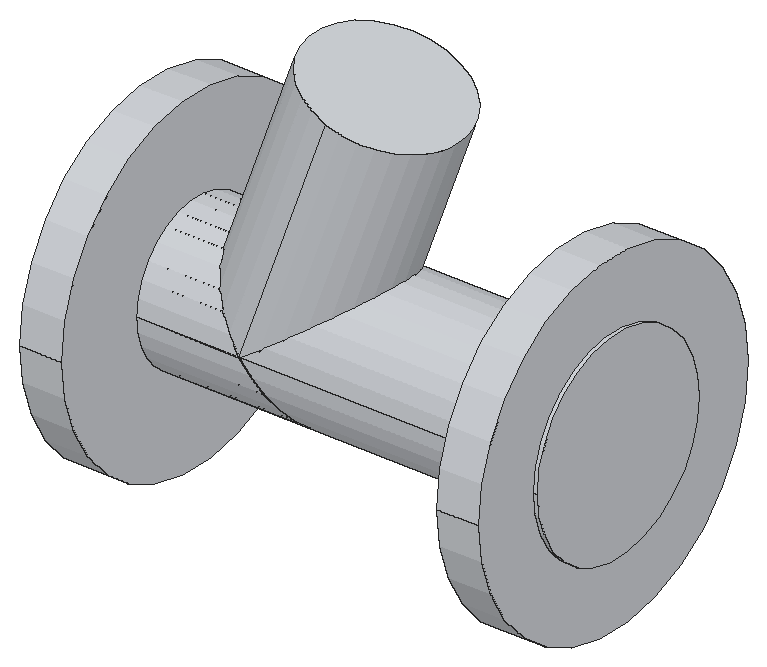
Revit family "447-DN050-RFA_2019", category Pipe Accessories, Revit 2019
Family settings
  Round Connector Dimension = Use Diameter
  Part Type = Valve - Breaks Into
  Work Plane-Based = No
  Always vertical = Yes
  Cut with Voids When Loaded = No
  Shared = No
Parameters (values of type "447-DN050")
  magiProductId = "5ed7087ff739473a8b86e2dbbe5062"
  magiProductFamilyId = "b72cb932c1b3471491e3d369876ba1"
  magiPartTypeId = 304
  isMeasuringValve [instance] = no
  ang2D [instance] = 0.00°
  X2 = 42.71 mm
  X1 = 32.2 mm
  W2D = 100 mm
  VersionID = "2.0/2017.9.26.1/ZETKAMA_447_001"
  Use Minimum Symbol Size [instance] = yes
  URL = "http://www.hydronix.cz"
  Type Comments = "přírubový; PN16; -10~+120°C"
  S = 99 mm
  QmdConnectorList = "301;D;302;D"
  Productdata [instance] = ""
  Manufacturer = "Hydronix"
  MC Product Code = "447 050 (DN50; PN16 kvs32,15)"
  MC Piping Given Pressure Drop [instance] = 0.0 Pa
  LM1 = 18.4 mm
  LM = 184 mm
  L2D_Min = 3048 mm
  L2D = 350 mm
  L2 = 115 mm
  HH1 = 117.345 mm
  FD = 165 mm
  Description = "Ruční vyvažovací ventil přírubový; DN50; PN16; kvs32,15"
  DT = 74 mm
  D = 50 mm
  CC = 2.3 mm
  CAT0 = yes
  C1 = 20.7 mm
  C = 23 mm
Types (10, lengths in mm): name | magiProductId | X2 | X1 | S | MC Product Code | LM1 | LM | L2 | HH1 | FD | Description | DT | D | CC | C1 | C
  447-DN100 | "98b46d48787042dd9a812fc0797c69" | 79.261 | 49 | 156 | "447 100 (DN100; PN16 kvs184,7)" | 28 | 280 | 175 | 217.769 | 220 | "Ruční vyvažovací ventil přírubový; DN100; PN16; kvs184,7" | 130 | 100 | 3.5 | 31.5 | 35
  447-DN125 | "02b47ccb17f74d08923d86f3fe118e" | 86.541 | 56 | 184 | "447 125 (DN125; PN16 kvs285,1)" | 32 | 320 | 200 | 237.769 | 250 | "Ruční vyvažovací ventil přírubový; DN125; PN16; kvs285,1" | 130 | 125 | 4 | 36 | 40
  447-DN150 | "7f7b5672e2b748ca8839732ddacd1d" | 95.64 | 67.2 | 211 | "447 150 (DN150; PN16 kvs390,2)" | 38.4 | 384 | 240 | 262.769 | 285 | "Ruční vyvažovací ventil přírubový; DN150; PN16; kvs390,2" | 130 | 150 | 4.8 | 43.2 | 48
  447-DN200 | "e1019e6fc9b647ceac6d31797e2f53" | 155.411 | 84 | 266 | "447 200 (DN200; PN16 kvs710)" | 48 | 480 | 300 | 426.987 | 340 | "Ruční vyvažovací ventil přírubový; DN200; PN16; kvs710" | 310 | 200 | 6 | 54 | 60
  447-DN250 | "a0eac83e29f84220b7ba68901aa49e" | 171.789 | 102.2 | 319 | "447 250 (DN250; PN16 kvs1188)" | 58.4 | 584 | 365 | 471.987 | 405 | "Ruční vyvažovací ventil přírubový; DN250; PN16; kvs1188" | 310 | 250 | 7.3 | 65.7 | 73
  447-DN300 | "476300b2e87f4f20bd49d272c44436" | 175.429 | 119 | 370 | "447 300 (DN300; PN16 kvs1504)" | 68 | 680 | 425 | 481.987 | 460 | "Ruční vyvažovací ventil přírubový; DN300; PN16; kvs1504" | 310 | 300 | 8.5 | 76.5 | 85
  447-DN040 | "1b02107dafeb4f5588628c478854c2" | 42.71 | 28 | 84 | "447 040 (DN40; PN16 kvs22,36)" | 16 | 160 | 100 | 117.345 | 150 | "Ruční vyvažovací ventil přírubový; DN40; PN16; kvs22,36" | 74 | 40 | 2 | 18 | 20
  447-DN050 | "5ed7087ff739473a8b86e2dbbe5062" | 42.71 | 32.2 | 99 | "447 050 (DN50; PN16 kvs32,15)" | 18.4 | 184 | 115 | 117.345 | 165 | "Ruční vyvažovací ventil přírubový; DN50; PN16; kvs32,15" | 74 | 50 | 2.3 | 20.7 | 23
  447-DN065 | "bd77367604f142d88050bf73c88c7b" | 71.982 | 40.6 | 118 | "447 065 (DN65; PN16 kvs88,8)" | 23.2 | 232 | 145 | 197.769 | 185 | "Ruční vyvažovací ventil přírubový; DN65; PN16; kvs88,8" | 130 | 65 | 2.9 | 26.1 | 29
  447-DN080 | "7399fcf493614c92ad9035a8ac3adf" | 71.982 | 43.4 | 132 | "447 080 (DN80; PN16 kvs113,4)" | 24.8 | 248 | 155 | 197.769 | 200 | "Ruční vyvažovací ventil přírubový; DN80; PN16; kvs113,4" | 130 | 80 | 3.1 | 27.9 | 31
Reference planes
  plane 1 "Center (Front/Back)": y = 0
  plane 2 "XYPLANE": z = 0
  plane 3 "Center (Left/Right)": x = 0
  plane 4 "110": x = 1.31
  plane 5 "109": z = 117.345
  plane 6 "108": x = -41.4
  plane 7 "107": x = 112.7
  plane 8 "106": x = -112.7
  plane 9 "105": z = 0
  plane 10 "104": y = 0
  plane 11 "103": x = -115
  plane 12 "102": x = 115
  plane 13 "100": x = -92
  plane 14 "99": x = 92
  plane 15 "98": x = -73.6
Forms (mm)
  Extrusion 1, solid, visible <- "CAT0"
    sketch origin (-92, -750, 0) x (0, 1, 0) y (0, 0, 1)
      loop
        circle (750, 0) r 37
    from 0 to 184 <- "LM"
  Sweep 2, solid, visible <- "CAT0"
    path origin (750, 0, 0) x (-1, 0, 0) y (0, 0, 1)
      loop
        line (842, 0) -> (791.4, 0) -> (748.69, 117.345)
    profile origin (-92, 0, 0) x (0, 0, -1) y (0, 1, 0)
      loop
        circle (0, 0) r 37
  Extrusion 3, solid
    sketch origin (112.7, -750, 0) x (0, 1, 0) y (0, 0, 1)
      loop
        circle (750, 0) r 49.5
    from 0 to 2.3 <- "CC"
  Extrusion 4, solid
    sketch origin (92, -750, 0) x (0, 1, 0) y (0, 0, 1)
      loop
        circle (750, 0) r 82.5
    from 0 to 20.7 <- "C1"
  Extrusion 5, solid
    sketch origin (-112.7, -750, 0) x (0, 1, 0) y (0, 0, 1)
      loop
        circle (750, 0) r 82.5
    from 0 to 20.7 <- "C1"
  Extrusion 6, solid
    sketch origin (-115, -750, 0) x (0, 1, 0) y (0, 0, 1)
      loop
        circle (750, 0) r 49.5
    from 0 to 2.3 <- "CC"
  Extrusion 7, solid, not visible
    sketch origin (-115, -750, 0) x (0, 1, 0) y (0, 0, 1)
      loop
        circle (750, 0) r 10
    from 0 to 10
  Extrusion 8, solid, not visible
    sketch origin (115, -750, 0) x (0, 1, 0) y (0, 0, 1)
      loop
        circle (750, 0) r 10
    from 0 to -10
Lines and regions (mm)
  reference lines, not visible
    curve 1: circle (2, 2, 0) r 1 normal (0, 0, 1)
Dimensions and locks
  plane 1 "Center (Front/Back)" to curve 1 = 2 mm
  "X2": plane 6 "108" to plane 4 "110"
  "HH1": plane 2 "XYPLANE" to plane 5 "109"
  "X1": plane 15 "98" to plane 6 "108"
  "C1": plane 14 "99" to plane 7 "107"
  "CC": plane 11 "103" to plane 8 "106"
  locked: plane 2 "XYPLANE" to plane 9 "105"
  locked: plane 1 "Center (Front/Back)" to plane 10 "104"
  "L2": plane 3 "Center (Left/Right)" to plane 11 "103"
  "L2": plane 3 "Center (Left/Right)" to plane 12 "102"
  "C": plane 11 "103" to plane 13 "100"
  "LM": plane 13 "100" to plane 14 "99"
  "LM1": plane 13 "100" to plane 15 "98"
  Sweep 2 sketch curve to Sweep 2 sketch curve = 0 mm  (x2)
  "DT": diameter of Extrusion 1 sketch curve
  "DT": diameter of Sweep 2 sketch curve
  "S": diameter of Extrusion 3 sketch curve
  "FD": diameter of Extrusion 4 sketch curve
  "FD": diameter of Extrusion 5 sketch curve
  "S": diameter of Extrusion 6 sketch curve
  aligned and locked: level to plane 2 "XYPLANE"
  aligned and locked: plane 9 "105" to Extrusion 1 sketch curve
  aligned and locked: Extrusion 1 sketch curve to plane 10 "104"
  aligned and locked: plane 9 "105" to Sweep 2 sketch curve  (x3)
  aligned and locked: Sweep 2 sketch curve to plane 10 "104"
  aligned and locked: plane 13 "100" to Sweep 2 sketch curve
  aligned and locked: plane 6 "108" to Sweep 2 sketch curve
  aligned and locked: plane 4 "110" to Sweep 2 sketch curve
  aligned and locked: plane 5 "109" to Sweep 2 sketch curve
  aligned and locked: plane 9 "105" to Extrusion 3 sketch curve
  aligned and locked: Extrusion 3 sketch curve to plane 10 "104"
  aligned and locked: plane 9 "105" to Extrusion 4 sketch curve
  aligned and locked: Extrusion 4 sketch curve to plane 10 "104"
  aligned and locked: plane 9 "105" to Extrusion 5 sketch curve
  aligned and locked: Extrusion 5 sketch curve to plane 10 "104"
  aligned and locked: plane 9 "105" to Extrusion 6 sketch curve
  aligned and locked: Extrusion 6 sketch curve to plane 10 "104"
  aligned and locked: plane 9 "105" to Extrusion 7 sketch curve
  aligned and locked: Extrusion 7 sketch curve to plane 10 "104"
  aligned and locked: plane 9 "105" to Extrusion 8 sketch curve
  aligned and locked: Extrusion 8 sketch curve to plane 10 "104"
Automatic sketch dimensions
  plane 1 "Center (Front/Back)" to Extrusion 7 sketch curve = 10 mm
  plane 1 "Center (Front/Back)" to Extrusion 8 sketch curve = 10 mm
  plane 3 "Center (Left/Right)" to curve 1 = 2 mm
  radius of curve 1 = 1 mm
Connectors
  piping at (-115, 0, 0), diameter 50, driven by "D"
    settings: on Extrusion 7, index 1, connector inside diameter 609.6 mm, connector length 0 mm, flow factor 0, pipe flow 0.0 L/s, pressure drop 0.0 Pa, fitting loss kfactor 0, connector angle 0.00°, fixture units 0, engagement length 0 mm, angle of deflection 0.00°, flow configuration 0, flow direction 0, fitting loss method 0, system type 29, joint type 0, gender type 0, connector reference index 2, connector utility 0, adjustable connector no, is connector primary yes, connector description ""
  piping at (115, 0, 0), diameter 50, driven by "D"
    settings: on Extrusion 8, index 2, connector inside diameter 609.6 mm, connector length 0 mm, flow factor 0, pipe flow 0.0 L/s, pressure drop 0.0 Pa, fitting loss kfactor 0, connector angle 0.00°, fixture units 0, engagement length 0 mm, angle of deflection 0.00°, flow configuration 0, flow direction 0, fitting loss method 0, system type 29, joint type 0, gender type 0, connector reference index 1, connector utility 0, adjustable connector no, is connector primary no, connector description ""
